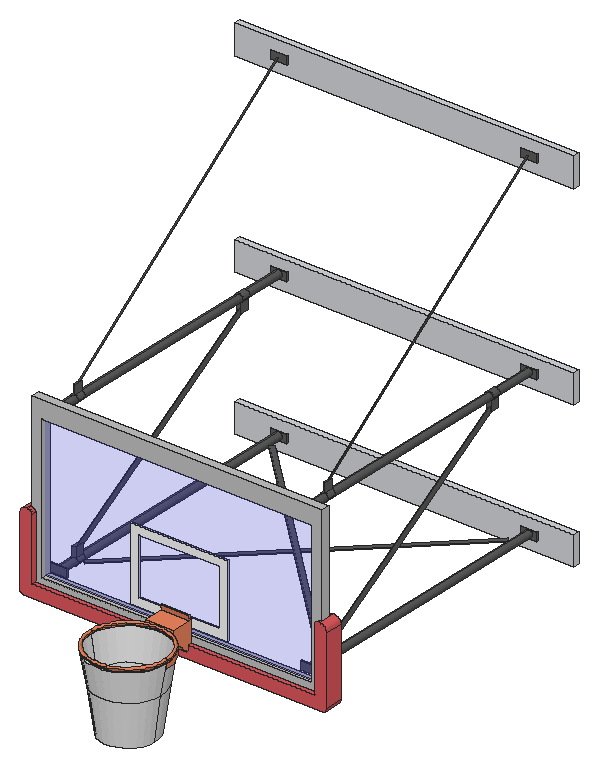
Revit family "Gymnasium-Eqpt_Basketball_IPIbyBison_IP10WB", category Specialty Equipment, Revit 2018
Family settings
  Round Connector Dimension = Use Diameter
  Part Type = Normal
  Work Plane-Based = Yes
  Always vertical = No
  Cut with Voids When Loaded = No
  Shared = No
  Room Calculation Point = No
Parameters (values of type "Wall Mounted Stationary")
  wall distance text = "1 to 10 ft from Wall"
  cablecontrol [instance] = 0' - 8"  # constant formula
  Warranty Duration (Years) = 0
  Unit Width = 7' - 0"
  Unit Height [instance] = Stringer Height_First + 0' 2"  # 10' - 0"
  Unit Depth = 2' - 8"
  URL = "https://ipibybison.com/"
  Stringer Wood [instance] = none
  Stringer Height_Third [instance] = 4' - 0"
  Stringer Height_Second [instance] = 3' - 0"
  Stringer Height_First [instance] = 9' - 10"
  Specification = ""
  SpecWizard = ""
  Send Message = ""
  Sales Information = "https://ipibybison.com/ArchitectsPage.php"
  Rim Color [instance] = Plastic - IPI by Bison - Orange OR
  Revision = "R1_01-2018"
  Range of Wall Distance [instance] = wall distance text  # "1 to 10 ft from Wall"
  Product Properties = ""
  Product Data = "http://www.arcat.com/arcatcos/cos49/arc49571.html"
  Net Color [instance] = Finish - IPI by Bison - White Netting
  Model = "IP10WB"
  Manufacturer Website = "https://ipibybison.com/"
  Manufacturer Phone - Toll Free = "800-637-7968"
  Manufacturer Phone = ""
  Manufacturer Fax = "800-638-0698"
  Manufacturer Address = "603 L St  Lincoln, NE 68508"
  Manufacturer = "IPI by Bison"
  Maintenance Schedule (Months) = 0
  Keynote = ""
  Installation-Fabrication = ""
  Installation Phase = ""
  Green Building-LEED = ""
  Glass [instance] = Glass
  Frame Finish [instance] = Finish - IPI by Bison - Black
  ExtReinforce [instance] = Backboard Distance from Wall > 2' 0"  # yes
  Expected Lifespan (Years) = 0
  Drawn By = "Sumex Design, Inc. / Robert S. Weygant, CSI, CDT, SCIP"
  Description = "IPI by Bison Wall Mounted Fixed Basketball Backboard - IP10WB as Specified"
  Default Elevation = 0' - 0"
  Copyright = "©Arcat Inc."
  Construction Details = ""
  Backboard Square Color [instance] = Finish - IPI by Bison - White
  Backboard Padding Color [instance] = Plastic - IPI by Bison - Scarlet SC
  Backboard Distance from Wall [instance] = 6' - 0"
  Backboard Color [instance] = Finish - IPI by Bison - Satin Aluminum
  Assembly Code = ""
Reference planes (in)
  plane 1 "Center (Front/Back)": y = 0
  plane 2 "Bottom": z = 0
  plane 3 "Center (Left/Right)": x = 0
  plane 4 "Left": x = -42
  plane 5 "Right": x = 42
  plane 6 "Top": z = 120
  plane 7: y = -72
  plane 8: y = -59.5813
  plane 9: z = 118
  plane 10: z = 154
  plane 11: z = 202
  plane 12: x = -31.00488
  plane 13: x = 31.00488
  plane 14: y = -69.5
  plane 15: y = -64
  plane 16: y = -6
Forms (in)
  Extrusion 1, solid, material <- "Stringer Wood"
    sketch origin (0, 0, 0) x (0, 1, 0) y (0, 0, 1)
      loop
        line (0, 198.375) -> (0, 205.625) -> (-1.5, 205.625) -> (-1.5, 198.375) -> (0, 198.375)
      loop
        line (0, 150.375) -> (0, 157.625) -> (-1.5, 157.625) -> (-1.5, 150.375) -> (0, 150.375)
      loop
        line (0, 114.375) -> (0, 121.625) -> (-1.5, 121.625) -> (-1.5, 114.375) -> (0, 114.375)
    from -42 to 42
  Extrusion 2, solid, material "Finish - IPI by Bison - Black" <- "Frame Finish"
    sketch origin (-31.00488, -180, 220.71867) x (0, 0, 1) y (0, -1, 0)
      loop
        line (-67.71867, -110.25) -> (-67.71867, -110.5) -> (-65.71867, -110.5) -> (-65.71867, -110.25) -> (-67.71867, -110.25)
      loop
        line (-101.71867, -110.25) -> (-103.71867, -110.25) -> (-103.71867, -110.5) -> (-101.71867, -110.5) -> (-101.71867, -110.25)
      loop
        line (-67.71867, -178.5) -> (-65.71867, -178.5) -> (-65.71867, -178.25) -> (-67.71867, -178.25) -> (-67.71867, -178.5)
      loop
        line (-103.71867, -178.5) -> (-101.71867, -178.5) -> (-101.71867, -178.25) -> (-103.71867, -178.25) -> (-103.71867, -178.5)
      loop
        line (-19.71867, -178.5) -> (-17.71867, -178.5) -> (-17.71867, -178.25) -> (-19.71867, -178.25) -> (-19.71867, -178.5)
    from 2 to -2
  Extrusion 3, solid, material "Finish - IPI by Bison - Black" <- "Frame Finish"
    sketch origin (31.00488, -180, 220.71867) x (0, 0, 1) y (0, -1, 0)
      loop
        line (-65.71867, -110.25) -> (-67.71867, -110.25) -> (-67.71867, -110.5) -> (-65.71867, -110.5) -> (-65.71867, -110.25)
      loop
        line (-103.71867, -110.25) -> (-103.71867, -110.5) -> (-101.71867, -110.5) -> (-101.71867, -110.25) -> (-103.71867, -110.25)
      loop
        line (-103.71867, -178.25) -> (-103.71867, -178.5) -> (-101.71867, -178.5) -> (-101.71867, -178.25) -> (-103.71867, -178.25)
      loop
        line (-67.71867, -178.25) -> (-67.71867, -178.5) -> (-65.71867, -178.5) -> (-65.71867, -178.25) -> (-67.71867, -178.25)
      loop
        line (-19.71867, -178.25) -> (-19.71867, -178.5) -> (-17.71867, -178.5) -> (-17.71867, -178.25) -> (-19.71867, -178.25)
    from 2 to -2
  Extrusion 4, solid, material "Finish - IPI by Bison - Black" <- "Frame Finish"
    sketch origin (31.00488, -1.75, 153) x (0, 0, 1) y (-1, 0, 0)
      loop
        circle (1, 62.00977) r 0.875
      loop
        circle (-35, 62.00977) r 0.875
      loop
        circle (1, 0) r 0.875
      loop
        circle (-35, 0) r 0.875
    from 0 to 67.75
  Extrusion 5, solid, material "Finish - IPI by Bison - Black" <- "Frame Finish"
    sketch origin (0, -64, 159.04229) x (0, 0, 1) y (1, 0, 0)
      loop
        line (-4.05404, 30.85203) -> (-1.80404, 30.85203) -> (-1.80404, 31.15773) -> (-4.05404, 31.15773)
        arc (-4.05404, 31.15773) -> (-6.04229, 31.00488) -> (-4.05404, 30.85203) r 1
      loop
        arc (-4.05404, -30.85203) -> (-6.04229, -31.00488) -> (-4.05404, -31.15773) r 1
        line (-4.05404, -31.15773) -> (-1.80404, -31.15773) -> (-1.80404, -30.85203) -> (-4.05404, -30.85203)
    from 1 to -1
  Sweep 6, solid, material "Finish - IPI by Bison - Black" <- "Frame Finish"
    path origin (0, 0, 0) x (0, 1, 0) y (0, 0, 1)
      loop
        line (-64, 156.75) -> (-2.09969, 202)
    profile origin (0, -33.04984, 179.375) x (0, -0.590145, 0.807297) y (1, 0, 0)
      loop
        circle (0, -31.00488) r 0.125
      loop
        circle (0, 31.00488) r 0.125
  Extrusion 7, solid, material "Finish - IPI by Bison - Black" <- "Frame Finish", visible <- "ExtReinforce"
    sketch origin (0, -64, 159.04229) x (0, 0, 1) y (1, 0, 0)
      loop
        arc (-40.23514, -30.41453) -> (-42.04229, -31.00488) -> (-40.23514, -31.59523) r 1
        line (-40.23514, -31.59523) -> (-37.80404, -31.59523) -> (-37.80404, -30.41453) -> (-40.23514, -30.41453)
      loop
        line (-40.23514, 30.41453) -> (-37.80404, 30.41453) -> (-37.80404, 31.59523) -> (-40.23514, 31.59523)
        arc (-40.23514, 31.59523) -> (-42.04229, 31.00488) -> (-40.23514, 30.41453) r 1
    from 1 to -1
  Extrusion 8, solid, material "Finish - IPI by Bison - Black" <- "Frame Finish", visible <- "ExtReinforce"
    sketch origin (0, 0, 0) x (1, 0, 0) y (0, 0, 1)
      loop
        line (30.41453, 153.19285) -> (30.41453, 150.76175) -> (31.59523, 150.76175) -> (31.59523, 153.19285)
        arc (31.59523, 153.19285) -> (31.00488, 155) -> (30.41453, 153.19285) r 1
      loop
        arc (-30.41453, 153.19285) -> (-31.00488, 155) -> (-31.59523, 153.19285) r 1
        line (-31.59523, 153.19285) -> (-31.59523, 150.76175) -> (-30.41453, 150.76175) -> (-30.41453, 153.19285)
    from 14 to 12
  Sweep 9, solid, material "Finish - IPI by Bison - Black" <- "Frame Finish", visible <- "ExtReinforce"
    path origin (0, 0, 0) x (0, 1, 0) y (0, 0, 1)
      loop
        line (-64, 120.25) -> (-13.02507, 151.44784)
    profile origin (0, -38.51254, 135.84892) x (0, -0.522016, 0.852935) y (1, 0, 0)
      loop
        line (-0.625, 31.13152) -> (-0.625, 30.88152) -> (0.625, 30.88152) -> (0.625, 31.13152) -> (-0.625, 31.13152)
      loop
        line (-0.625, -31.13152) -> (0.625, -31.13152) -> (0.625, -30.88152) -> (-0.625, -30.88152) -> (-0.625, -31.13152)
  Sweep 10, solid, material "Finish - IPI by Bison - Black" <- "Frame Finish", visible <- "ExtReinforce"
    path origin (0, 0, 0) x (1, 0, 0) y (0, 1, 0)
      loop
        line (-29.25488, -6) -> (29.256, -64)
    profile origin (0.00056, -35, 0) x (0.703999, 0.710201, 0) y (0, 0, 1)
      loop
        line (-0.625, 118) -> (0.625, 118) -> (0.625, 118.25) -> (-0.625, 118.25) -> (-0.625, 118)
  Sweep 11, solid, material "Finish - IPI by Bison - Black" <- "Frame Finish", visible <- "ExtReinforce"
    path origin (0, 0, 0) x (-1, 0, 0) y (0, 1, 0)
      loop
        line (-29.25488, -6) -> (29.256, -64)
    profile origin (-0.00056, -35, 0) x (0.703999, -0.710201, 0) y (0, 0, 1)
      loop
        line (-0.65618, 118) -> (-0.65618, 117.75) -> (0.59382, 117.75) -> (0.59382, 118) -> (-0.65618, 118)
Dimensions and locks (in)
  equal spacing: plane 4 "Left", plane 3 "Center (Left/Right)", plane 5 "Right"
  "Unit Width": plane 4 "Left" to plane 5 "Right"
  "Unit Height": plane 6 "Top" to level
  locked: plane 7 to plane 8 at 12.4187
  "Backboard Distance from Wall": plane 7 to plane 1 "Center (Front/Back)"
  "Stringer Height_First": plane 9 to level
  "Stringer Height_Second": plane 10 to plane 9
  "Stringer Height_Third": plane 11 to plane 10
  Extrusion 1 sketch curve to plane 9 to Extrusion 1 sketch curve = 0' - 3 5/8" locked, 0' - 3 5/8" locked
  Extrusion 1 sketch curve to plane 10 to Extrusion 1 sketch curve = 0' - 3 5/8" locked, 0' - 3 5/8" locked
  Extrusion 1 sketch curve to plane 11 to Extrusion 1 sketch curve = 0' - 3 5/8" locked, 0' - 3 5/8" locked
  Extrusion 2 sketch curve to plane 10 to Extrusion 2 sketch curve = 0' - 1" locked, 0' - 1" locked  (x2)
  plane 7 to Extrusion 2 sketch curve to Extrusion 2 sketch curve = 0' - 2 1/4" locked, 0' - 0 1/4" locked  (x2)
  Extrusion 2 sketch curve to plane 9 to Extrusion 2 sketch curve = 0' - 1" locked, 0' - 1" locked  (x2)
  Extrusion 2 sketch curve to plane 11 to Extrusion 2 sketch curve = 0' - 1" locked, 0' - 1" locked
  equal spacing: plane 13, plane 3 "Center (Left/Right)", plane 12
  locked: plane 13 to plane 12 at 62.00977
  locked: Extrusion 3 sketch curve to Extrusion 3 sketch curve at 0.25  (x5)
  Extrusion 3 sketch curve to plane 10 to Extrusion 3 sketch curve = 0' - 1" locked, 0' - 1" locked  (x2)
  Extrusion 3 sketch curve to plane 9 to Extrusion 3 sketch curve = 0' - 1" locked, 0' - 1" locked  (x2)
  locked: plane 7 to Extrusion 3 sketch curve at 2.25  (x2)
  Extrusion 3 sketch curve to plane 11 to Extrusion 3 sketch curve = 0' - 1" locked, 0' - 1" locked
  locked: Extrusion 4 sketch curve to plane 12 at 0
  locked: Extrusion 4 sketch curve to plane 10 at 0
  locked: plane 12 to Extrusion 4 sketch curve at 0
  locked: plane 9 to Extrusion 4 sketch curve at 0  (x2)
  locked: plane 13 to Extrusion 4 sketch curve at 0
  locked: Extrusion 4 sketch curve to plane 13 at 0
  locked: plane 10 to Extrusion 4 sketch curve at 0
  locked: plane 7 to plane 14 at 2.5
  "cablecontrol": plane 7 to plane 15
  Extrusion 5 sketch curve to plane 13 to Extrusion 5 sketch curve to Extrusion 5 sketch curve = 0' - 0.15285" locked, 0' - 0" locked, 0' - 0.15285" locked
  Extrusion 5 sketch curve to plane 12 to Extrusion 5 sketch curve to Extrusion 5 sketch curve = 0' - 0.15285" locked, 0' - 0" locked, 0' - 0.15285" locked
  Extrusion 5 sketch curve to plane 10 to Extrusion 5 sketch curve = 0' - 3.23825" locked, 0' - 0" locked  (x2)
  locked: Sweep 6 sketch curve to plane 1 "Center (Front/Back)" at 2.09969
  locked: plane 11 to Sweep 6 sketch curve at 0
  locked: Sweep 6 sketch curve to plane 10 at 2.75
  locked: plane 15 to Sweep 6 sketch curve
  Extrusion 7 sketch curve to plane 9 to Extrusion 7 sketch curve = 0' - 3.23825" locked, 0' - 0" locked  (x2)
  Extrusion 7 sketch curve to plane 12 to Extrusion 7 sketch curve to Extrusion 7 sketch curve = 0' - 0.59035" locked, 0' - 0" locked, 0' - 0.59035" locked
  Extrusion 7 sketch curve to plane 13 to Extrusion 7 sketch curve to Extrusion 7 sketch curve = 0' - 0.59035" locked, 0' - 0" locked, 0' - 0.59035" locked
  plane 10 to Extrusion 8 sketch curve to Extrusion 8 sketch curve = 0' - 0" locked, 0' - 3.23825" locked  (x2)
  locked: plane 10 to Sweep 9 sketch curve at 2.55216
  locked: Sweep 9 sketch curve to plane 1 "Center (Front/Back)" at 13.02507
  locked: plane 15 to Sweep 9 sketch curve at 0
  locked: Sweep 9 sketch curve to plane 9 at 2.25
  locked: Extrusion 3 sketch curve to plane 1 "Center (Front/Back)" at 1.5
  locked: plane 16 to plane 1 "Center (Front/Back)" at 6
  locked: plane 12 to Sweep 10 sketch curve at 1.75
  locked: Sweep 10 sketch curve to plane 13 at 1.74888
  Sweep 10 sketch curve to plane 9 to Sweep 10 sketch curve = 0' - 0 1/4" locked, 0' - 0" locked
  locked: Sweep 11 sketch curve to plane 13 at 1.75
  locked: plane 12 to Sweep 11 sketch curve at 1.74888
  plane 9 to Sweep 11 sketch curve to Sweep 11 sketch curve = 0' - 0" locked, 0' - 0 1/4" locked
  aligned and locked: nested 1 to plane 8
  aligned and locked: Extrusion 1 to plane 4 "Left"
  aligned and locked: plane 5 "Right" to Extrusion 1
  aligned and locked: plane 14 to Extrusion 4
  aligned and locked: plane 16 to Sweep 10 sketch curve
  aligned and locked: plane 15 to Sweep 10 sketch curve
  aligned and locked: plane 16 to Sweep 11 sketch curve
  aligned and locked: plane 15 to Sweep 11 sketch curve
Automatic sketch dimensions
  plane 10 to Extrusion 5 sketch curve = 0' - 0.98825"  (x2)
  Sweep 6 sketch curve to profile plane = 0' - 0"  (x2)
  Sweep 6 sketch curve to plane 3 "Center (Left/Right)" = 2' - 7.00488"
  plane 3 "Center (Left/Right)" to Sweep 6 sketch curve = 2' - 7.00488"
  plane 9 to Extrusion 7 sketch curve = 0' - 0.80715"  (x2)
  Extrusion 8 sketch curve to plane 12 = 0' - 0"
  Extrusion 8 sketch curve to plane 13 = 0' - 0"
  Extrusion 8 sketch curve to plane 12 = 0' - 0.59035"
  plane 12 to Extrusion 8 sketch curve = 0' - 0.59035"
  Extrusion 8 sketch curve to plane 13 = 0' - 0.59035"
  plane 13 to Extrusion 8 sketch curve = 0' - 0.59035"
  Extrusion 8 sketch curve to plane 10 = 0' - 0.80715"  (x2)
  profile plane to Sweep 9 sketch curve = 0' - 0 5/8"  (x2)
  Sweep 9 sketch curve to profile plane = 0' - 0 5/8"  (x2)
  Sweep 9 sketch curve to plane 3 "Center (Left/Right)" = 2' - 7.13152"
  Sweep 9 sketch curve to Sweep 9 sketch curve = 0' - 0 1/4"  (x2)
  plane 3 "Center (Left/Right)" to Sweep 9 sketch curve = 2' - 6.88152"
  profile plane to Sweep 10 sketch curve = 0' - 0 5/8"
  Sweep 10 sketch curve to profile plane = 0' - 0 5/8"
  Extrusion 1 sketch curve to plane 1 "Center (Front/Back)" = 0' - 0"  (x3)
  plane 1 "Center (Front/Back)" to Extrusion 1 sketch curve = 0' - 1 1/2"  (x3)
  plane 1 "Center (Front/Back)" to Extrusion 2 sketch curve = 0' - 1 3/4"  (x3)
  Extrusion 2 sketch curve to Extrusion 2 sketch curve = 0' - 0 1/4"  (x3)
  plane 1 "Center (Front/Back)" to Extrusion 3 sketch curve = 0' - 1 1/2"  (x2)
  Sweep 11 sketch curve to Sweep 11 sketch curve = 0' - 1 1/4"
  profile plane to Sweep 11 sketch curve = 0' - 0.65618"
  radius of Sweep 6 sketch curve = 0' - 0 1/8"  (x2)
  radius of Extrusion 4 sketch curve = 0' - 0 7/8"  (x4)
Nested families (in)
  nested 1: "Backboard_BA42XLGlass" at (0, -59.5813, 120) x (-1, 0, 0) z (0, 0, 1), backboard color <- "Backboard Color", backboard square color <- "Backboard Square Color", glass <- "Glass", rim finish <- "Rim Color", net color <- "Net Color", height offset <- "Unit Height", padding color <- "Backboard Padding Color", type "Backboard_BA42XLGlass"
    with rim finish Plastic - IPI by Bison - Orange OR, padding color Plastic - IPI by Bison - Scarlet SC, net color Finish - IPI by Bison - White Netting, height offset 10' - 0", glass Glass, frame finish none, backboard square color Finish - IPI by Bison - White, backboard color Finish - IPI by Bison - Satin Aluminum
Definition of nested family "Backboard_BA42XLGlass"
  Parameters (values of type "Backboard_BA42XLGlass")
    padding color [instance] = none
    net color [instance] = none
    rim finish [instance] = none
    height offset [instance] = 9' - 6"
    glass [instance] = none
    frame finish [instance] = none
    backboard square color [instance] = none
    backboard color [instance] = none
    Default Elevation = 4' - 0"
  Reference planes (in)
    plane 1 "Center (Front/Back)": y = 0
    plane 2: z = 0
    plane 3 "Center (Left/Right)": x = 0
    plane 4: z = -114
  Forms (in)
    Extrusion 1, solid, material <- "backboard color"
      sketch origin (-8.43545, 11.2937, 28.94441) x (1, 0, 0) y (0, 0, 1)
        loop
          line (-27.56455, 6.99989) -> (-27.56455, -35.00011) -> (44.43545, -35.00011) -> (44.43545, 6.99989) -> (-27.56455, 6.99989)
        loop
          line (41.81045, 2.74989) -> (-24.93955, 2.74989) -> (-24.93955, -32.37511) -> (41.81045, -32.37511) -> (41.81045, 2.74989)
      from 1.125 to -1.125
    Extrusion 2, solid, material <- "padding color"
      sketch origin (-8.43545, 11.2937, 29.06941) x (1, 0, 0) y (0, 0, 1)
        loop
          line (-27.55038, -17.62511) -> (-27.80038, -17.62511)
          arc (-27.80038, -17.62511) -> (-29.03781, -18.13767) -> (-29.55038, -19.37511) r 1.75
          line (-29.55038, -19.37511) -> (-29.55038, -36.12511)
          arc (-29.55038, -36.12511) -> (-29.25748, -36.83222) -> (-28.55038, -37.12511) r 1
          line (-28.55038, -37.12511) -> (45.44962, -37.12511)
          arc (45.44962, -37.12511) -> (46.15673, -36.83222) -> (46.44962, -36.12511) r 1
          line (46.44962, -36.12511) -> (46.44962, -19.37511)
          arc (46.44962, -19.37511) -> (45.93706, -18.13767) -> (44.69962, -17.62511) r 1.75
          line (44.69962, -17.62511) -> (44.42127, -17.62511)
          arc (44.42127, -17.62511) -> (43.71416, -17.918) -> (43.42127, -18.62511) r 1
          line (43.42127, -18.62511) -> (43.42127, -33.98376) -> (-26.55038, -33.98376) -> (-26.55038, -18.62511)
          arc (-26.55038, -18.62511) -> (-26.84327, -17.918) -> (-27.55038, -17.62511) r 1
      from -2.18697 to 2.14819
    Revolve 3, solid, material <- "net color"
      sketch origin (-8.43545, 27.4812, 28.93687) x (1, 0, 0) y (0, 0, 1)
        loop
          circle (-0.85808, -29.24642) r 0.3125
        loop
          line (-1.03195, -29.9762) -> (0.27041, -37.36226) -> (1.80132, -48.25521) -> (2.05377, -48.25521) -> (0.51737, -37.32314) -> (-0.77809, -29.9762) -> (-1.03195, -29.9762)
        axis (8.43545, -48.25521) -> (8.43545, -29.24642)
      angle from 0 to 360
    Revolve 4, solid, material <- "rim finish"
      sketch origin (0.02792, 11.2937, 0) x (0, 1, 0) y (0, 0, 1)
        loop
          line (6.79001, -0.625) -> (6.54001, -0.625) -> (6.54001, -2.125) -> (6.79001, -2.125) -> (6.79001, -0.625)
        axis (16.04001, -2.125) -> (16.04001, -0.625)
      angle from -90 to 90
    Extrusion 5, solid, material <- "rim finish"
      sketch origin (0, 0, 0) x (0, 1, 0) y (0, 0, 1)
        loop
          line (17.69724, 0) -> (12.8212, 0) -> (13.12361, 1.21287) -> (12.79369, 1.29513) -> (12.47078, 0) -> (12.47078, -6.5) -> (13.63137, -6.5) -> (17.69724, -2.43414) -> (17.69724, 0)
      from -3.50075 to 3.49925
    Extrusion 6, solid, material <- "backboard square color"
      sketch origin (0.02792, 11.2937, 0) x (1, 0, 0) y (0, 0, 1)
        loop
          line (-12.02792, 16.0023) -> (-12.02792, -1.9977) -> (11.97208, -1.9977) -> (11.97208, 16.0023) -> (-12.02792, 16.0023)
        loop
          line (-10.02792, 14.0023) -> (-10.02792, 0) -> (9.97208, 0) -> (9.97208, 14.0023) -> (-10.02792, 14.0023)
      from -0.44333 to 0.05679
    Extrusion 7, solid, material <- "glass"
      sketch origin (0.02792, 11.2937, 0) x (1, 0, 0) y (0, 0, 1)
        loop
          line (-33.40292, 31.6943) -> (-33.40292, -3.4307) -> (33.34708, -3.4307) -> (33.34708, 31.6943) -> (-33.40292, 31.6943)
      from -0.405 to 0
  Lines and regions (in)
    model lines
      curve 1: line (-0.00075, 0, 0) -> (-0.00075, 0, -114)
  Dimensions and locks (in)
    "height offset": level to plane 4
    aligned and locked: plane 2 to level
    aligned and locked: plane 4 to curve 1
  Automatic sketch dimensions
    curve 1 to level = 0' - 0"
    curve 1 to plane 3 "Center (Left/Right)" = 0' - 0.00075"
    Extrusion 1 sketch curve to plane 3 "Center (Left/Right)" = 3' - 0"
    Extrusion 1 sketch curve to Extrusion 1 sketch curve = 0' - 2 5/8"  (x2)
    plane 3 "Center (Left/Right)" to Extrusion 1 sketch curve = 2' - 9 3/8"
    Extrusion 1 sketch curve to level = 0' - 6.0557"
    Extrusion 1 sketch curve to level = 0' - 3.4307"
    level to Extrusion 1 sketch curve = 2' - 7.6943"
    Extrusion 1 sketch curve to Extrusion 1 sketch curve = 0' - 4 1/4"
    level to Extrusion 2 sketch curve = 0' - 9.6943"
    Extrusion 2 sketch curve to plane 3 "Center (Left/Right)" = 3' - 1.98582"
    Extrusion 2 sketch curve to Extrusion 2 sketch curve = 0' - 1"  (x4)
    Extrusion 2 sketch curve to Extrusion 2 sketch curve = 0' - 1 3/4"
    Extrusion 2 sketch curve to Extrusion 2 sketch curve = 0' - 0 1/4"
    level to Extrusion 2 sketch curve = 0' - 10.4443"
    plane 3 "Center (Left/Right)" to Extrusion 2 sketch curve = 2' - 10.98582"
    Extrusion 2 sketch curve to Extrusion 2 sketch curve = 0' - 0.27835"
    Extrusion 2 sketch curve to Extrusion 2 sketch curve = 0' - 2.02835"
    Extrusion 2 sketch curve to level = 0' - 4.91435"
    Extrusion 2 sketch curve to Extrusion 2 sketch curve = 0' - 2.14135"
    Revolve 3 sketch curve to plane 3 "Center (Left/Right)" = 0' - 0"
    Revolve 3 sketch curve to plane 3 "Center (Left/Right)" = 0' - 6.38167"
    Revolve 3 sketch curve to Revolve 3 sketch curve = 0' - 0.25246"
    Revolve 3 sketch curve to plane 3 "Center (Left/Right)" = 0' - 7.91808"
    Revolve 3 sketch curve to Revolve 3 sketch curve = 0' - 0.24696"
    Revolve 3 sketch curve to level = 0' - 1.03933"
    Revolve 3 sketch curve to Revolve 3 sketch curve = 0' - 1.0485"
    Revolve 3 sketch curve to level = 0' - 0.30954"
    Revolve 3 sketch curve to Revolve 3 sketch curve = 0' - 0.07999"
    Revolve 3 sketch curve to Revolve 3 sketch curve = 0' - 0.25386"
    Revolve 3 sketch curve to Revolve 3 sketch curve = 0' - 7.34694"
    Revolve 3 sketch curve to Revolve 3 sketch curve = 0' - 0.03911"
    Revolve 3 sketch curve to Revolve 3 sketch curve = 0' - 10.89295"
    Revolve 3 sketch curve to level = 0' - 0.00754"
    level to Revolve 3 sketch curve = 0' - 2.99246"
    Revolve 4 sketch curve to level = 0' - 2 1/8"
    Revolve 4 sketch curve to plane 1 "Center (Front/Back)" = 1' - 5.83371"
    Revolve 4 sketch curve to Revolve 4 sketch curve = 0' - 0 1/4"
    Revolve 4 sketch curve to level = 0' - 0 5/8"  (x2)
    Revolve 4 sketch curve to Revolve 4 sketch curve = 0' - 9 1/4"
    level to Revolve 4 sketch curve = 0' - 3 1/8"
    Extrusion 5 sketch curve to level = 0' - 0"  (x2)
    Extrusion 5 sketch curve to plane 1 "Center (Front/Back)" = 1' - 0.47078"
    level to Extrusion 5 sketch curve = 0' - 1.29513"
    Extrusion 5 sketch curve to Extrusion 5 sketch curve = 0' - 0.32291"
    Extrusion 5 sketch curve to Extrusion 5 sketch curve = 0' - 0.35043"
    Extrusion 5 sketch curve to Extrusion 5 sketch curve = 0' - 1.16059"
    Extrusion 5 sketch curve to Extrusion 5 sketch curve = 0' - 4.57363"
    Extrusion 5 sketch curve to Extrusion 5 sketch curve = 0' - 2.43414"
    Extrusion 5 sketch curve to Extrusion 5 sketch curve = 0' - 6 1/2"
    Extrusion 6 sketch curve to level = 0' - 0"
    Extrusion 6 sketch curve to level = 0' - 1.9977"
    Extrusion 6 sketch curve to plane 3 "Center (Left/Right)" = 1' - 0"
    Extrusion 6 sketch curve to Extrusion 6 sketch curve = 0' - 2"  (x3)
    plane 3 "Center (Left/Right)" to Extrusion 6 sketch curve = 0' - 10"
    Extrusion 6 sketch curve to Extrusion 6 sketch curve = 1' - 2.0023"
    Extrusion 7 sketch curve to plane 3 "Center (Left/Right)" = 2' - 9 3/8"
    Extrusion 7 sketch curve to level = 0' - 3.4307"
    plane 3 "Center (Left/Right)" to Extrusion 7 sketch curve = 2' - 9 3/8"
    level to Extrusion 7 sketch curve = 2' - 7.6943"
    radius of Revolve 3 sketch curve = 0' - 0 5/16"
